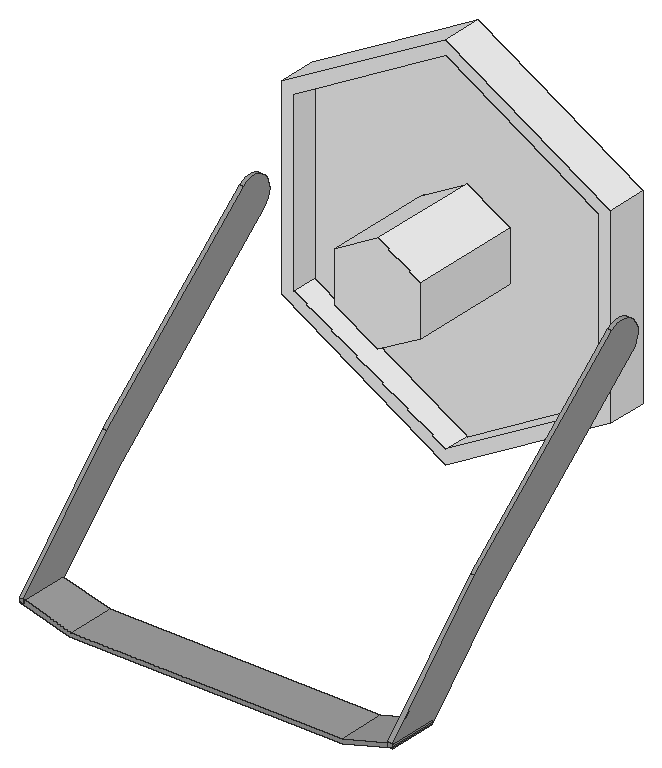
Revit family "Lighting-Floodlights-GEWISS-ESALITE-FL-LED_16K_DALI", category Apparecchi per illuminazione, host Superficie, Revit 2019
Family settings
  Host = Superficie
  Quota connettore circolare = Usa diametro
  Tipo di parte = Normale
  Taglio con vuoti quando caricato = No
  Sorgente d'illuminazione = Sì
  Condiviso = No
  Punto di calcolo locali = Sì
Parameters (values of type "GWS6434GD57K - ESALITE 16K 90° 5700K PRO+V.GR.DALI")
  Weight (kg): = "9,5"
  Wattage = 9.2903 W
  Warranty = "5 years"
  Voltage = "220/240 V - 50/60 Hz"
  Versions = "5700K cold light"
  Version file RFA = "20.11"
  Variazione temperatura colore lampada con luminosità attenuata = (empty or 0)
  VISIBILITA' SIMBOLO [instance] = yes
  VISIBILITA' LAMPADA PIANTA [instance] = not(VISIBILITA' SIMBOLO)  # no
  VISIBILITA' ETICHETTA [instance] = yes
  V = 0 V
  URL = "https://www.gewiss.com/ww/en"
  built-in parameter 1150107 = 3200 (stored number, unit not read)
  Technical sheet = "https://www.gewiss.com/ww/en/search?q=GWS6434GD57K"
  System power = "125W"
  Spostamento_y_effettivo_ET [instance] = 4000 mm - Spostamento_y_ET  # 2119.2 mm
  Spostamento_y_ET [instance] = 1880.8 mm
  Spostamento_X_effettivo_ET [instance] = 4000 mm - Spostamento_X_ET  # 3850.612 mm
  Spostamento_X_ET [instance] = 149.388 mm
  Shock resistance = "IK08"
  Shield type = "Tempered glass"
  STAFFA = Default
  SEO = "Floodlight"
  Realized by GEWISS S.p.A. = ""
  Default Elevation = 1219.2 mm
  Produttore = "GEWISS S.p.A."
  Potenza di sitema = "Wxxx"
  built-in parameter 1150110 = 1 (stored number, unit not read)
  built-in parameter 1150109 = 1 (stored number, unit not read)
  built-in parameter 1114218 = 1 (stored number, unit not read)
  built-in parameter 1150112 = 1 (stored number, unit not read)
  Overvoltage resistance : = "Common mode: 8KV; Differential mode: 6KV"
  Optic = "90°"
  Operating temperature: = "-30 +50 °C"
  Numero poli = 1
  Nominal flux (lm) = "17000"
  built-in parameter 1150142 = "IESNA:LM-63-2002\r\n[TEST] GWS6434GD57K\r\n[TESTLAB] GEWISS\r\n[TESTDATE] 31 Aug 2018\r\n[ISSUEDATE] 31 Aug 2018\r\n[MANUFAC] GEWISS\r\n[LUMCAT] GWS6434GD57K\r\n[LUMINAIRE] ESALITE FL 16K+GLAS 90° GR. DALI LED857\r\n[FLASHAREA] 0.030706\r\n[LAMPCAT] LED 125W/5700K - 14400lm\r\n[LAMP] LED 125W/5700K - 14400lm\r\nTILT=NONE\r\n1 14400.00 1.0 28 19 1 2 -0.402 -0.402 0.000\r\n1.00 1.00 125.00\r\n0.00 2.50 5.00 7.50 10.00 12.50 15.00 17.50 20.00 22.50 \r\n25.00 27.50 30.00 32.50 35.00 37.50 40.00 42.50 45.00 \r\n50.00 55.00 60.00 65.00 70.00 75.00 80.00 85.00 90.00 \r\n0.00 5.00 10.00 15.00 20.00 25.00 30.00 35.00 40.00 45.00 \r\n50.00 55.00 60.00 65.00 70.00 75.00 80.00 85.00 90.00 \r\n8316.86 8296.27 8298.14 8351.71 8458.27 8567.28 8558.06 \r\n8467.78 8355.46 8250.34 8129.09 7984.08 7794.72 7529.90 \r\n7174.80 6646.46 5351.47 2855.95 1245.86 705.72 750.51 \r\n616.25 528.36 414.88 280.40 141.02 45.34 0.86 \r\n8316.86 8299.44 8302.90 8362.94 8476.13 8579.95 8580.10 \r\n8488.08 8375.04 8267.76 8145.65 7992.72 7800.91 7530.34 \r\n7168.61 6633.22 5330.02 2837.66 1236.20 692.65 779.14 \r\n612.27 525.23 412.01 276.38 145.01 44.50 0.85 \r\n8316.86 8295.55 8296.42 8354.45 8472.82 8577.65 8576.93 \r\n8484.34 8374.90 8268.48 8150.26 8001.07 7805.66 7542.00 \r\n7182.86 6646.61 5352.19 2852.64 1237.75 689.88 686.43 \r\n608.13 523.37 409.29 269.37 140.29 42.48 0.84 \r\n8316.86 8294.69 8299.87 8354.88 8477.42 8579.95 8576.93 \r\n8483.33 8369.71 8263.44 8143.92 8000.50 7803.65 7541.42 \r\n7182.00 6644.88 5347.87 2855.23 1240.13 696.82 702.22 \r\n616.00 527.17 407.28 261.55 135.74 43.65 0.83 \r\n8316.86 8295.55 8299.73 8355.46 8486.35 8588.16 8585.57 \r\n8489.95 8370.72 8266.90 8149.97 8001.36 7807.25 7542.43 \r\n7183.44 6645.02 5345.57 2853.22 1234.31 717.11 1150.57 \r\n614.40 525.11 394.19 252.22 125.43 37.74 0.81 \r\n8316.86 8291.09 8292.38 8349.12 8484.19 8584.56 8578.94 \r\n8479.44 8367.41 8265.74 8148.53 8000.78 7806.24 7542.72 \r\n7189.34 6653.09 5358.67 2861.14 1239.12 736.86 1116.23 \r\n622.12 528.88 383.83 248.34 112.94 34.01 0.80 \r\n8316.86 8290.94 8289.94 8354.59 8494.85 8596.37 8584.13 \r\n8484.62 8369.28 8264.45 8150.11 7999.49 7803.22 7538.11 \r\n7186.03 6648.77 5345.42 2847.89 1230.83 743.62 858.59 \r\n621.52 526.29 376.66 245.20 102.31 33.50 0.77 \r\n8316.86 8286.77 8282.45 8353.01 8500.61 8601.26 8591.62 \r\n8481.74 8369.14 8270.35 8154.43 8002.08 7802.21 7541.57 \r\n7192.51 6658.85 5355.94 2856.53 1234.67 745.69 1006.93 \r\n622.80 529.57 384.29 249.02 113.92 33.80 0.75 \r\n8316.86 8285.90 8280.72 8354.59 8514.86 8616.10 8597.09 \r\n8486.93 8375.47 8277.84 8158.90 8008.13 7812.43 7554.53 \r\n7202.88 6670.22 5365.87 2859.26 1230.34 726.57 1056.87 \r\n615.30 527.17 395.74 254.13 127.17 38.12 0.72 \r\n8316.86 8278.70 8273.81 8352.00 8516.30 8622.14 8596.94 \r\n8477.71 8363.52 8261.14 8143.92 7993.58 7794.00 7538.40 \r\n7189.92 6656.54 5357.23 2855.81 1224.82 692.81 687.93 \r\n612.23 524.36 405.91 260.27 134.53 43.50 0.69 \r\n8316.86 8280.43 8271.65 8357.90 8530.13 8644.46 8610.91 \r\n8486.06 8378.50 8279.71 8163.07 8013.74 7818.34 7568.06 \r\n7218.86 6679.58 5373.36 2859.55 1227.79 695.25 686.71 \r\n612.65 526.55 412.59 271.51 141.07 43.21 0.68 \r\n8316.86 8276.26 8268.91 8362.37 8539.49 8652.67 8612.64 \r\n8483.04 8369.71 8269.63 8158.46 8009.57 7805.95 7554.82 \r\n7205.90 6671.81 5370.48 2861.71 1228.06 696.01 756.39 \r\n615.34 526.68 414.30 278.02 144.82 45.18 0.67 \r\n8316.86 8273.38 8271.65 8373.89 8556.91 8665.63 8617.82 \r\n8482.18 8370.72 8277.12 8164.22 8011.73 7808.98 7553.81 \r\n7200.72 6663.31 5353.49 2844.43 1220.21 699.39 751.56 \r\n614.15 525.89 414.13 280.90 140.23 45.49 0.66 \r\n8316.86 8267.47 8266.90 8373.46 8560.37 8667.94 8614.51 \r\n8474.26 8366.40 8273.38 8161.06 8008.13 7810.85 7558.27 \r\n7206.48 6671.52 5362.27 2851.20 1219.08 692.70 782.01 \r\n613.14 525.07 412.92 277.57 145.66 44.72 0.65 \r\n8316.86 8263.15 8267.33 8384.83 8570.45 8680.61 8615.38 \r\n8474.69 8368.56 8274.24 8162.93 8012.45 7811.86 7553.81 \r\n7201.44 6667.63 5362.27 2854.37 1217.32 688.90 681.90 \r\n608.62 522.81 409.78 270.22 140.40 42.78 0.66 \r\n8316.86 8265.89 8265.74 8388.14 8575.20 8689.25 8617.82 \r\n8479.73 8377.63 8285.18 8176.61 8025.12 7826.40 7569.36 \r\n7218.58 6680.16 5370.77 2865.74 1221.36 692.12 712.63 \r\n611.96 523.67 405.33 260.77 135.46 43.63 0.67 \r\n8316.86 8261.71 8264.88 8390.16 8581.39 8687.81 8613.36 \r\n8469.22 8364.82 8273.52 8166.10 8010.86 7813.73 7556.83 \r\n7205.90 6668.06 5354.64 2859.12 1221.11 715.72 1333.70 \r\n613.08 525.11 394.06 253.11 126.36 38.45 0.68 \r\n8316.86 8261.57 8262.14 8394.34 8585.71 8695.73 8618.26 \r\n8470.51 8368.56 8281.44 8168.40 8014.03 7815.31 7556.83 \r\n7211.23 6669.07 5360.26 2860.70 1223.77 729.81 1224.84 \r\n621.24 526.92 381.87 248.03 112.85 34.05 0.69 \r\n8316.86 8267.33 8267.33 8396.50 8590.18 8696.88 8611.34 \r\n8468.64 8364.96 8274.82 8157.74 8001.50 7800.34 7538.98 \r\n7199.57 6663.46 5362.99 2872.94 1233.00 745.49 850.12 \r\n625.65 530.88 378.60 247.94 103.02 34.38 0.69 \r\n"
  Modello = "GWS6434GD57K"
  built-in parameter 1150137 = (empty or 0)
  built-in parameter 1150132 = (empty or 0)
  Lumen output (lm) = "14400"
  Life time L90B10 (Tq 50Â°C) = "50000H"
  Life time L90B10 (Tq 25Â°C) = "100000H"
  Lamp = "LED - Not replaceable"
  LED current. = "0,599999999999999A"
  built-in parameter 1150105 = 109.82 (stored number, unit not read)
  built-in parameter 1150102 = (empty or 0)
  Insulation class = "I"
  Immagine tipo = ESALITE_FL.jpg
  built-in parameter 1150106 = 1.0982 (stored number, unit not read)
  IP degree = "IP66"
  IFC.TypeObject = ""
  IFC.ExportType = ""
  IFC.ExportAs = ""
  IDT = "2e22ab3621524e29b2144a911f573489"
  IDF = "2124c0c9-587c-4e77-8199-4e82afa2e3b7"
  Lumens = 1380 lm
  Color Filter = 16777215
  File diagramma fotometrico = "GWS6434GD57K.IES"
  built-in parameter 1114217 = 1 (stored number, unit not read)
  built-in parameter 1150139 = (empty or 0)
  Emetti da lunghezza linea = 20 mm
  Electrocod = "2444"
  Efficiency class of integrated LEDs = "A ÷ A++"
  built-in parameter 1150104 = 13.8 (stored number, unit not read)
  Driver type = "Driver Led Dali"
  built-in parameter 1150115 = 1 (stored number, unit not read)
  built-in parameter 1150114 = 1 (stored number, unit not read)
  built-in parameter 1150113 = 1 (stored number, unit not read)
  Descrizione = "ESALITE 16K 90° 5700K PRO+V.GR.DALI"
  Colour temperature: = "5700 K (CRI>80)"
  Colour = "Grey RAL 9006"
  built-in parameter 1150134 = 3
  built-in parameter 1150138 = (empty or 0)
  Catalogue Range = "ESALITE FL - 16K"
  Catalogue = "LIGHTING"
  COBie.Tagnumber = ""
  COBie.CreatedOn = ""
  COBie.CreatebBy = ""
  COBie.ComponentRegisterItemID = ""
  COBie.Component.TagNumber = ""
  COBie.Component.Space = ""
  COBie.Component.SerialNumber = ""
  COBie.Component.InstallationDate = ""
  COBie.Component.Description = ""
  COBie.Component.BarCode = ""
  Application = "Indoor / Outdoor"
  Tilt Angle = -90.00°
  built-in parameter 1150133 = 10 (stored number, unit not read)
Reference planes
  plane 1 "Centro (Fronte/Retro)": y = 0
  plane 2: z = 0
  plane 3 "Centro (Sinistra/Destra)": x = 0
  plane 4: z = 123
  plane 5: x = 0
  plane 6: x = -3850.612
  plane 7: y = -2119.2
  plane 8: y = 0
  plane 9: through (-1779.2, -702.001, 1219.2) normal (0.4695, 0.8829, 0)
  plane 10: through (203.705, -1575.119, 1219.2) normal (-0.866, 0.5, 0)
  plane 11: x = -235.613
  plane 12: x = 230.804
  plane 13: y = 188.046
  plane 14: y = -188.046
  plane 15: x = 235.613
  plane 16: x = -287.654
  plane 17: z = 285.229
Forms (mm)
  Extrusion 1, solid, material "Default" <- "STAFFA"
    sketch origin (80, 0, 0) x (0, 1, 0) y (0, 0, -1)
      loop
        arc (165.701, -304.396) -> (196.85, -301.627) -> (194.11, -270.474) r 22.123
        line (194.11, -270.474) -> (-9.063, -99.991) -> (-92.184, -15.381) -> (-147.703, -15.381) -> (-147.703, -20.3) -> (-29.601, -140.518) -> (165.701, -304.396)
    from 287.654 to 292.463
  Extrusion 2, solid, material "Default" <- "STAFFA"
    sketch origin (0, 0, 0) x (1, 0, 0) y (0, 0, 1)
      loop
        line (-210.907, 15.044) -> (-155.301, 0) -> (155.629, 0) -> (211.236, 15.044)
        arc (211.236, 15.044) -> (212.133, 15.646) -> (212.479, 16.669) r 1.683
        line (212.479, 16.669) -> (212.479, 19.259) -> (207.67, 19.259) -> (154.261, 4.809) -> (-153.932, 4.809) -> (-207.341, 19.259) -> (-212.151, 19.259) -> (-212.151, 16.669)
        arc (-212.151, 16.669) -> (-211.804, 15.646) -> (-210.907, 15.044) r 1.683
    from 92.231 to 147.703
  Revolve 3, solid, material "Default" <- "STAFFA", visible <- "VISIBILITA' LAMPADA PIANTA"
    sketch origin (80, 179.315, 13.188) x (1, 0, 0) y (0, 0, 1)
      loop
        line (-304.219, 272.041) -> (-304.219, 262.041) -> (-299.896, 254.554) -> (-266.552, 254.554) -> (-266.552, 272.041) -> (-304.219, 272.041)
      axis (-304.219, 272.041) -> (-266.552, 272.041)
    angle from 0 to 360
  Revolve 4, solid, material "Default" <- "STAFFA", visible <- "VISIBILITA' LAMPADA PIANTA"
    sketch origin (-78.734, 179.315, 13.188) x (-1, 0, 0) y (0, 0, -1)
      loop
        line (-304.219, -272.041) -> (-266.552, -272.041) -> (-266.552, -254.554) -> (-299.896, -254.554) -> (-304.219, -262.041) -> (-304.219, -272.041)
      axis (-304.219, -272.041) -> (-266.552, -272.041)
    angle from 0 to 360
  Extrusion 5, solid, material "Default" <- "STAFFA"
    sketch origin (-80, 0, 0) x (0, 1, 0) y (0, 0, 1)
      loop
        line (165.701, 304.396) -> (-29.601, 140.518) -> (-147.703, 20.3) -> (-147.703, 15.381) -> (-92.184, 15.381) -> (-9.063, 99.991) -> (194.11, 270.474)
        arc (194.11, 270.474) -> (196.85, 301.627) -> (165.701, 304.396) r 22.123
    from 287.654 to 292.463
Text (mm)
  text "B-A=C" at (-2005.323, -1167.131, 0), in view "Livello rif."
  text "D+A-C=B" at (1746.792, 582.509, 0), in view "Livello rif."
Dimensions and locks
  "Spostamento_X_effettivo_ET": plane 6 to plane 5
  plane 6 to plane 3 "Centro (Sinistra/Destra)" = 3850.612 mm
  "Spostamento_y_effettivo_ET": plane 8 to plane 7
  plane 1 "Centro (Fronte/Retro)" to plane 7 = 2119.2 mm
  plane 11 to plane 12 = 466.417 mm
  plane 13 to plane 14 = 376.092 mm
  plane 12 to plane 15 = 4.809 mm
  plane 12 to plane 5 to plane 11 = 230.804 mm, 235.613 mm
  equal spacing: plane 11, plane 3 "Centro (Sinistra/Destra)", plane 15
  angle plane 9 to plane 7 = 28.00°
  angle plane 7 to plane 6 = 90.00°
  aligned and locked: plane 2 to host face
  aligned and locked: level to host face
  aligned and locked: plane 3 "Centro (Sinistra/Destra)" to imposter light
  aligned and locked: plane 5 to nested 1
  aligned and locked: nested 1 to plane 8
  aligned and locked: plane 5 to nested 3
  aligned and locked: nested 3 to host face
  aligned and locked: imposter light to nested 5
  aligned and locked: nested 2 to nested 6
  aligned and locked: plane 17 to nested 6
  aligned and locked: nested 7 to plane 2
  aligned and locked: nested 7 to nested 2
  aligned and locked: plane 3 "Centro (Sinistra/Destra)" to nested 8
  aligned and locked: nested 4 to nested 8
  aligned and locked: nested 8 to nested 2
Automatic sketch dimensions
  host sketch curve to host sketch curve = 2438.4 mm  (x2)
  level to Extrusion 1 sketch curve = 15.381 mm
  plane 14 to Extrusion 1 sketch curve = 40.343 mm
  Extrusion 1 sketch curve to Extrusion 1 sketch curve = 55.519 mm
  plane 1 "Centro (Fronte/Retro)" to Extrusion 1 sketch curve = 29.601 mm
  plane 1 "Centro (Fronte/Retro)" to Extrusion 1 sketch curve = 9.063 mm
  Extrusion 1 sketch curve to plane 13 = 22.346 mm
  Extrusion 1 sketch curve to plane 17 = 2.193 mm
  Extrusion 1 sketch curve to plane 13 = 8.156 mm
  Extrusion 1 sketch curve to plane 17 = 19.167 mm
  Extrusion 1 sketch curve to plane 4 = 17.518 mm
  plane 4 to Extrusion 1 sketch curve = 23.009 mm
  Extrusion 1 sketch curve to Extrusion 1 sketch curve = 4.919 mm
  plane 13 to Extrusion 1 sketch curve = 6.064 mm
  Extrusion 1 sketch curve to Extrusion 1 sketch curve = 0 mm  (x2)
  plane 16 to Extrusion 2 sketch curve = 80.312 mm
  Extrusion 2 sketch curve to level = 0 mm
  plane 11 to Extrusion 2 sketch curve = 80.312 mm
  plane 16 to Extrusion 2 sketch curve = 77.186 mm
  Extrusion 2 sketch curve to Extrusion 2 sketch curve = 0.44 mm
  Extrusion 2 sketch curve to Extrusion 2 sketch curve = 1.683 mm
  plane 11 to Extrusion 2 sketch curve = 81.681 mm
  level to Extrusion 2 sketch curve = 4.809 mm
  Extrusion 2 sketch curve to plane 12 = 76.543 mm
  Extrusion 2 sketch curve to Extrusion 2 sketch curve = 1.369 mm
  Extrusion 2 sketch curve to plane 12 = 23.134 mm
  plane 15 to Extrusion 2 sketch curve = 24.817 mm
  plane 15 to Extrusion 2 sketch curve = 24.377 mm
  plane 15 to Extrusion 2 sketch curve = 23.134 mm
  level to Extrusion 2 sketch curve = 15.044 mm  (x2)
  Extrusion 2 sketch curve to Extrusion 2 sketch curve = 2.59 mm  (x2)
  Revolve 3 sketch curve to plane 17 = 0 mm  (x2)
  plane 11 to Revolve 3 sketch curve = 11.394 mm
  Revolve 3 sketch curve to Revolve 3 sketch curve = 4.323 mm
  Revolve 3 sketch curve to Revolve 3 sketch curve = 33.345 mm
  plane 17 to Revolve 3 sketch curve = 10 mm
  plane 17 to Revolve 3 sketch curve = 17.487 mm
  Revolve 3 sketch curve to Revolve 3 sketch curve = 0 mm  (x2)
  Revolve 4 sketch curve to plane 17 = 0 mm  (x2)
  Revolve 4 sketch curve to plane 12 = 5.319 mm
  Revolve 4 sketch curve to Revolve 4 sketch curve = 4.323 mm
  Revolve 4 sketch curve to Revolve 4 sketch curve = 33.345 mm
  plane 17 to Revolve 4 sketch curve = 10 mm
  Revolve 4 sketch curve to Revolve 4 sketch curve = 7.487 mm
  Revolve 4 sketch curve to Revolve 4 sketch curve = 0 mm  (x2)
  level to Extrusion 5 sketch curve = 15.381 mm
  plane 14 to Extrusion 5 sketch curve = 40.343 mm
  Extrusion 5 sketch curve to Extrusion 5 sketch curve = 55.519 mm
  plane 1 "Centro (Fronte/Retro)" to Extrusion 5 sketch curve = 29.601 mm
  plane 1 "Centro (Fronte/Retro)" to Extrusion 5 sketch curve = 9.063 mm
  Extrusion 5 sketch curve to plane 13 = 22.346 mm
  Extrusion 5 sketch curve to plane 17 = 2.193 mm
  Extrusion 5 sketch curve to plane 13 = 8.156 mm
  Extrusion 5 sketch curve to Extrusion 5 sketch curve = 4.919 mm
  plane 4 to Extrusion 5 sketch curve = 23.009 mm
  Extrusion 5 sketch curve to plane 4 = 17.518 mm
  Extrusion 5 sketch curve to plane 17 = 19.167 mm
  plane 13 to Extrusion 5 sketch curve = 6.064 mm
  Extrusion 5 sketch curve to Extrusion 5 sketch curve = 0 mm  (x2)
Nested families
  nested 1: "etichetta Potenza Lampada" at (0, 0, 0), visible <- "VISIBILITA' ETICHETTA", type "etichetta Potenza Lampada"
  nested 2: "ESALITE FL 16K PROIETTORE_BASE" at (0, 42.5, 297.451) x (0, 0, 1) z (0, 1, 0), type "ESALITE FL 16K PROIETTORE_BASE"
  nested 3: "front" at (0, 0, 0) x (1, 0, 0) z (0, -1, 0), visible <- "VISIBILITA' LAMPADA PIANTA", type "front"
  nested 4: "SIMB_2D" at (0, 32.205, 0), visible <- "VISIBILITA' SIMBOLO", type "SIMB_2D"
  nested 5: "SIMB_2D" at (0, 0, 250) x (1, 0, 0) z (0, -1, 0), visible <- "VISIBILITA' SIMBOLO", type "SIMB_2D"
  nested 6: "SIMB_2D" at (0, 127.961, 285.229) x (0, 1, 0) z (1, 0, 0), visible <- "VISIBILITA' SIMBOLO", type "SIMB_2D"
  nested 7: "Laterale - FL" at (0, 194.69, 0) x (0, 1, 0) z (1, 0, 0), visible <- "VISIBILITA' LAMPADA PIANTA", type "Laterale - FL"
  nested 8: "Dal basso - FL" at (0, 49.895, 0), visible <- "VISIBILITA' LAMPADA PIANTA", type "Dal basso - FL"
Connectors
  electrical at (-0.185, 97.5, 297.509), driven by "Numero poli", driven by "V"
    settings: on nested 2, index 1, voltage 0 V, apparent load 0 VA, apparent load phase1 0 VA, apparent load phase2 0 VA, apparent load phase3 0 VA, power factor 1, load classification "Illuminazione", number of poles 1, system type 31, power factor state 1, is connector primary yes, connector utility no, sub classification motor no, connector description ""
Definition of nested family "ESALITE FL 16K PROIETTORE_BASE"
  Parameters (values of type "ESALITE FL 16K PROIETTORE_BASE")
    Schermatura interna = none
    Default Elevation = 1219.2 mm
    LED = none
    Corpo luce = none
  Reference planes
    plane 1 "Centro (Fronte/Retro)": y = 0
    plane 2: z = 0
    plane 3 "Centro (Sinistra/Destra)": x = 0
    plane 4: x = -145.163
    plane 5: x = 145.28
    plane 6: y = 126.226
    plane 7: y = -125.856
    plane 8: y = 55.469
    plane 9: y = -55.099
    plane 10: x = -63.671
    plane 11: x = 63.788
    plane 12: y = -123.856
    plane 13: y = 124.226
    plane 14: y = -112.535
    plane 15: y = 112.905
    plane 16: y = -22
    plane 17: y = 22
    plane 18: y = -108.017
    plane 19: y = 108.387
    plane 20: through (-28.293, 49.29, 1200) normal (0.866, -0.5, 0)
    plane 21: y = 49.29
    plane 22: through (28.409, 49.29, 1200) normal (0.866, 0.5, 0)
    plane 23: through (28.409, -48.92, 1200) normal (-0.866, 0.5, 0)
    plane 24: y = -48.92
    plane 25: through (-56.644, 0.185, 1200) normal (0.866, 0.5, 0)
    plane 26: through (-31.86, 55.469, 1200) normal (0.866, -0.5, 0)
    plane 27: through (-63.778, 0.185, 1200) normal (0.866, 0.5, 0)
    plane 28: y = -55.099
    plane 29: through (63.894, 0.185, 1200) normal (0.866, -0.5, 0)
    plane 30: through (63.894, 0.185, 1200) normal (-0.866, -0.5, 0)
    plane 31: y = 55.469
    plane 32: z = 123.439
    plane 33: through (-65.51, 1.185, 1200) normal (-0.866, 0.5, 0)
    plane 34: through (-33.592, -56.099, 1200) normal (-0.866, -0.5, 0)
    plane 35: through (-65.51, 1.185, 1200) normal (-0.866, 0.5, 0)
    plane 36: y = 57.469
    plane 37: through (33.708, 56.469, 1200) normal (0.866, 0.5, 0)
    plane 38: through (65.626, -0.815, 1200) normal (0.866, -0.5, 0)
    plane 39: y = -57.099
    plane 40: y = -1
    plane 41: y = 1
    plane 42: x = -1
    plane 43: x = 0
    plane 44: y = 105.387
    plane 45: y = -105.017
    plane 46: z = 130
    plane 47: y = -103.017
    plane 48: y = 103.387
    plane 49: x = 1
    plane 50: through (-108.857, 187.546, 1200) normal (0.866, -0.5, 0)
    plane 51: y = 188.046
    plane 52: y = 174.478
    plane 53: through (-101.456, 173.228, 1200) normal (0.866, -0.5, 0)
    plane 54: through (-216.848, -0.5, 1200) normal (0.866, 0.5, 0)
    plane 55: through (-200.748, -1.25, 1200) normal (0.866, 0.5, 0)
    plane 56: y = -188.046
    plane 57: y = -174.478
    plane 58: y = 188.046
    plane 59: y = 174.478
    plane 60: through (200.748, 1.25, 1200) normal (-0.866, -0.5, 0)
    plane 61: through (216.848, 0.5, 1200) normal (-0.866, -0.5, 0)
    plane 62: through (108.857, -187.546, 1200) normal (-0.866, 0.5, 0)
    plane 63: through (101.456, -173.228, 1200) normal (-0.866, 0.5, 0)
    plane 64: z = 89
    plane 65: z = 134
    plane 66: z = 108.133
    plane 67: z = 123.439
    plane 68: z = 117.439
    plane 69: z = 128.439
    plane 70: z = 27.205
    plane 71: z = 152.205
    plane 72: z = 197.205
    plane 73: z = 199.205
    plane 74: z = 192.205
    plane 75: z = 182.205
    plane 76: z = 187.205
    plane 77: z = 184.113
  Forms (mm)
    Extrusion 1, solid, material <- "Corpo luce"
      sketch origin (0, 0, 0) x (1, 0, 0) y (0, 1, 0)
        loop
          line (-28.293, 49.29) -> (-56.644, 0.185) -> (-28.293, -48.92) -> (28.409, -48.92) -> (56.76, 0.185) -> (28.409, 49.29) -> (-28.293, 49.29)
      from 199.205 to 55
    Extrusion 2, solid, material <- "Corpo luce"
      sketch origin (0, 0, 0) x (1, 0, 0) y (0, 1, 0)
        loop
          line (108.568, -188.046) -> (217.137, 0) -> (108.568, 188.046) -> (-108.568, 188.046) -> (-217.137, 0) -> (-108.568, -188.046) -> (108.568, -188.046)
        loop
          line (100.735, -174.478) -> (201.47, 0) -> (100.735, 174.478) -> (-100.735, 174.478) -> (-201.47, 0) -> (-100.735, -174.478) -> (100.735, -174.478)
      from 152.205 to 197.205
    Extrusion 3, solid, material <- "Corpo luce"
      sketch origin (0, 0, 0) x (1, 0, 0) y (0, 1, 0)
        loop
          line (-201.47, 0) -> (-100.735, -174.478) -> (100.735, -174.478) -> (201.47, 0) -> (100.735, 174.478) -> (-100.735, 174.478) -> (-201.47, 0)
        loop
          line (-28.293, 49.29) -> (-56.644, 0.185) -> (-28.293, -48.92) -> (28.409, -48.92) -> (56.76, 0.185) -> (28.409, 49.29) -> (-28.293, 49.29)
      from 182.205 to 192.205
    Extrusion 4, void
      sketch origin (0, 0, 0) x (1, 0, 0) y (0, 1, 0)
        loop
          line (-100.597, 148.72) -> (-179.094, 12.76)
          arc (-179.094, 12.76) -> (-179.103, 5.255) -> (-172.606, 1.5) r 7.499
          line (-172.606, 1.5) -> (-96.117, 1.5)
          arc (-96.117, 1.5) -> (-93.617, 2.17) -> (-91.787, 4) r 4.999
          line (-91.787, 4) -> (-49.357, 77.49)
          arc (-49.357, 77.49) -> (-48.687, 79.99) -> (-49.357, 82.49) r 4.999
          line (-49.357, 82.49) -> (-87.608, 148.742)
          arc (-87.608, 148.742) -> (-94.109, 152.481) -> (-100.597, 148.72) r 7.499
        loop
          line (78.51, 161.48) -> (-78.51, 161.48)
          arc (-78.51, 161.48) -> (-85.001, 157.736) -> (-85.01, 150.242) r 7.499
          line (-85.01, 150.242) -> (-46.759, 83.99)
          arc (-46.759, 83.99) -> (-44.93, 82.16) -> (-42.43, 81.49) r 4.999
          line (-42.43, 81.49) -> (42.43, 81.49)
          arc (42.43, 81.49) -> (44.93, 82.16) -> (46.759, 83.99) r 4.999
          line (46.759, 83.99) -> (84.998, 150.22)
          arc (84.998, 150.22) -> (85.007, 157.725) -> (78.51, 161.48) r 7.499
        loop
          arc (49.357, 82.49) -> (48.687, 79.99) -> (49.357, 77.49) r 4.999
          line (49.357, 77.49) -> (91.787, 4)
          arc (91.787, 4) -> (93.617, 2.17) -> (96.117, 1.5) r 4.999
          line (96.117, 1.5) -> (172.606, 1.5)
          arc (172.606, 1.5) -> (179.103, 5.255) -> (179.094, 12.76) r 7.499
          line (179.094, 12.76) -> (100.597, 148.72)
          arc (100.597, 148.72) -> (94.109, 152.481) -> (87.608, 148.742) r 7.499
          line (87.608, 148.742) -> (49.357, 82.49)
        loop
          line (49.357, -82.489) -> (87.608, -148.742)
          arc (87.608, -148.742) -> (94.109, -152.48) -> (100.597, -148.72) r 7.499
          line (100.597, -148.72) -> (179.094, -12.759)
          arc (179.094, -12.759) -> (179.103, -5.255) -> (172.606, -1.5) r 7.499
          line (172.606, -1.5) -> (96.117, -1.5)
          arc (96.117, -1.5) -> (93.617, -2.169) -> (91.787, -3.999) r 4.999
          line (91.787, -3.999) -> (49.357, -77.49)
          arc (49.357, -77.49) -> (48.687, -79.99) -> (49.357, -82.489) r 4.999
        loop
          arc (-42.43, -81.489) -> (-44.93, -82.159) -> (-46.759, -83.989) r 4.999
          line (-46.759, -83.989) -> (-85.01, -150.242)
          arc (-85.01, -150.242) -> (-85.001, -157.735) -> (-78.51, -161.479) r 7.499
          line (-78.51, -161.479) -> (78.51, -161.479)
          arc (78.51, -161.479) -> (85.007, -157.724) -> (84.998, -150.22) r 7.499
          line (84.998, -150.22) -> (46.759, -83.989)
          arc (46.759, -83.989) -> (44.93, -82.159) -> (42.43, -81.489) r 4.999
          line (42.43, -81.489) -> (-42.43, -81.489)
        loop
          arc (-91.787, -3.999) -> (-93.617, -2.169) -> (-96.117, -1.5) r 4.999
          line (-96.117, -1.5) -> (-172.606, -1.5)
          arc (-172.606, -1.5) -> (-179.097, -5.244) -> (-179.107, -12.737) r 7.499
          line (-179.107, -12.737) -> (-100.584, -148.742)
          arc (-100.584, -148.742) -> (-94.096, -152.48) -> (-87.608, -148.742) r 7.499
          line (-87.608, -148.742) -> (-49.357, -82.489)
          arc (-49.357, -82.489) -> (-48.687, -79.99) -> (-49.357, -77.49) r 4.999
          line (-49.357, -77.49) -> (-91.787, -3.999)
      from 187.205 to 192.205
  Cuts and joins
    Extrusion 4 cuts Extrusion 3
  Lines and regions (mm)
    symbolic lines
      curve 1: line (0, 188.046, 0) -> (0, 193.046, 0)
  Dimensions and locks
    locked: plane 6 to plane 13 at 2
    locked: plane 7 to plane 12 at 2
    locked: plane 15 to plane 13 at 11.321
    locked: plane 12 to plane 14 at 11.321
    plane 4 to plane 5 = 290.443 mm
    plane 7 to plane 6 = 252.082 mm
    Extrusion 1 to plane 70 = 172 mm
    plane 72 to plane 71 = 45 mm
    locked: plane 72 to plane 74 at 5
    locked: plane 74 to plane 75 at 10
    locked: plane 74 to plane 76 at 5
    locked: plane 76 to plane 77 at 3.092
    aligned and locked: level to plane 2
    aligned and locked: Extrusion 1 to plane 73
    aligned and locked: Extrusion 2 to plane 72
    aligned and locked: plane 71 to Extrusion 2
    aligned and locked: Extrusion 3 to plane 74
    aligned and locked: Extrusion 3 to plane 75
    aligned and locked: Extrusion 3 to Extrusion 4
    aligned and locked: plane 76 to Extrusion 4
Definition of nested family "etichetta Potenza Lampada"
  Parameters (values of type "etichetta Potenza Lampada")
    potenza lampada = "Wxxx"
  Reference planes
    plane 1: y = 0
    plane 2: x = 0
  Text (mm)
    label "QE" at (0.073, -0.194, 0), shows "potenza lampada"
Definition of nested family "front"
  Reference planes
    plane 1 "Centro (Fronte/Retro)": y = 0
    plane 2: z = 0
    plane 3 "Centro (Sinistra/Destra)": x = 0
  Lines and regions (mm)
    detail lines, in view "Livello rif."
      curve 1: line (-1.455, 533.77, 0) -> (-188.321, 425.882, 0)
      curve 2: arc (-188.321, 425.882, 0) -> (-188.681, 425.517, 0) -> (-188.812, 425.022, 0) r 0.999
      curve 3: line (-188.812, 425.022, 0) -> (-188.812, 209.258, 0)
      curve 4: arc (-188.812, 209.258, 0) -> (-188.681, 208.763, 0) -> (-188.321, 208.398, 0) r 0.999
      curve 5: line (-188.321, 208.398, 0) -> (-1.455, 100.51, 0)
      curve 6: arc (-1.455, 100.51, 0) -> (-0.955, 100.377, 0) -> (-0.456, 100.51, 0) r 0.999
      curve 7: line (-0.456, 100.51, 0) -> (186.41, 208.398, 0)
      curve 8: arc (186.41, 208.398, 0) -> (186.77, 208.763, 0) -> (186.901, 209.258, 0) r 0.999
      curve 9: line (186.901, 209.258, 0) -> (186.901, 425.022, 0)
      curve 10: arc (186.901, 425.022, 0) -> (186.765, 425.526, 0) -> (186.393, 425.892, 0) r 0.999
      curve 11: line (186.393, 425.892, 0) -> (-0.456, 533.77, 0)
      curve 12: arc (-0.456, 533.769, 0) -> (-0.955, 533.903, 0) -> (-1.455, 533.77, 0) r 0.999
      curve 13: line (-174.009, 215.786, 0) -> (-2.213, 116.599, 0)
      curve 14: arc (-2.213, 116.599, 0) -> (-0.956, 116.259, 0) -> (0.302, 116.599, 0) r 2.497
      curve 15: line (0.302, 116.599, 0) -> (172.098, 215.786, 0)
      curve 16: arc (172.098, 215.786, 0) -> (173.012, 216.7, 0) -> (173.347, 217.948, 0) r 2.497
      curve 17: line (173.347, 217.948, 0) -> (173.347, 416.332, 0)
      curve 18: arc (173.347, 416.332, 0) -> (173.012, 417.58, 0) -> (172.098, 418.494, 0) r 2.497
      curve 19: line (172.098, 418.494, 0) -> (0.302, 517.681, 0)
      curve 20: arc (0.302, 517.681, 0) -> (-0.956, 518.02, 0) -> (-2.213, 517.681, 0) r 2.497
      curve 21: line (-2.213, 517.681, 0) -> (-174.009, 418.494, 0)
      curve 22: arc (-174.009, 418.494, 0) -> (-174.923, 417.58, 0) -> (-175.258, 416.332, 0) r 2.497
      curve 23: line (-175.258, 416.332, 0) -> (-175.258, 217.948, 0)
      curve 24: arc (-175.258, 217.948, 0) -> (-174.923, 216.7, 0) -> (-174.009, 215.786, 0) r 2.497
      curve 25: line (-162.272, 395.571, 0) -> (-162.272, 238.709, 0)
      curve 26: arc (-162.272, 238.709, 0) -> (-158.513, 232.214, 0) -> (-151.008, 232.237, 0) r 7.491
      curve 27: line (-151.008, 232.237, 0) -> (-84.842, 270.438, 0)
      curve 28: arc (-84.842, 270.438, 0) -> (-83.027, 272.265, 0) -> (-82.363, 274.753, 0) r 4.994
      curve 29: line (-82.363, 274.753, 0) -> (-82.363, 359.527, 0)
      curve 30: arc (-82.363, 359.527, 0) -> (-83.027, 362.015, 0) -> (-84.842, 363.842, 0) r 4.994
      curve 31: line (-84.842, 363.842, 0) -> (-151.008, 402.043, 0)
      curve 32: arc (-151.008, 402.043, 0) -> (-158.513, 402.066, 0) -> (-162.272, 395.571, 0) r 7.491
      curve 33: line (-78.368, 267.833, 0) -> (-4.933, 225.435, 0)
      curve 34: arc (-4.933, 225.435, 0) -> (-3.118, 223.608, 0) -> (-2.454, 221.12, 0) r 4.994
      curve 35: line (-2.454, 221.12, 0) -> (-2.454, 144.708, 0)
      curve 36: arc (-2.454, 144.708, 0) -> (-6.2, 138.22, 0) -> (-13.691, 138.22, 0) r 7.491
      curve 37: line (-13.691, 138.22, 0) -> (-149.537, 216.651, 0)
      curve 38: arc (-149.537, 216.651, 0) -> (-153.283, 223.154, 0) -> (-149.51, 229.642, 0) r 7.491
      curve 39: line (-149.51, 229.642, 0) -> (-83.362, 267.833, 0)
      curve 40: arc (-83.362, 267.832, 0) -> (-80.865, 268.502, 0) -> (-78.368, 267.832, 0) r 4.994
      curve 41: line (-4.969, 408.824, 0) -> (-78.368, 366.447, 0)
      curve 42: arc (-78.368, 366.447, 0) -> (-80.865, 365.778, 0) -> (-83.362, 366.447, 0) r 4.994
      curve 43: line (-83.362, 366.447, 0) -> (-149.563, 404.669, 0)
      curve 44: arc (-149.563, 404.669, 0) -> (-153.283, 411.157, 0) -> (-149.537, 417.629, 0) r 7.491
      curve 45: line (-149.537, 417.629, 0) -> (-13.691, 496.06, 0)
      curve 46: arc (-13.691, 496.06, 0) -> (-6.2, 496.06, 0) -> (-2.454, 489.572, 0) r 7.491
      curve 47: line (-2.454, 489.572, 0) -> (-2.454, 413.16, 0)
      curve 48: arc (-2.454, 413.16, 0) -> (-3.128, 410.654, 0) -> (-4.969, 408.824, 0) r 4.994
      curve 49: line (147.626, 417.629, 0) -> (11.78, 496.06, 0)
      curve 50: arc (11.78, 496.06, 0) -> (4.289, 496.06, 0) -> (0.543, 489.572, 0) r 7.491
      curve 51: line (0.543, 489.572, 0) -> (0.543, 413.16, 0)
      curve 52: arc (0.543, 413.16, 0) -> (1.217, 410.654, 0) -> (3.058, 408.824, 0) r 4.994
      curve 53: line (3.058, 408.824, 0) -> (76.457, 366.447, 0)
      curve 54: arc (76.457, 366.447, 0) -> (78.954, 365.778, 0) -> (81.451, 366.447, 0) r 4.994
      curve 55: line (81.451, 366.447, 0) -> (147.652, 404.669, 0)
      curve 56: arc (147.652, 404.669, 0) -> (151.372, 411.157, 0) -> (147.626, 417.629, 0) r 7.491
      curve 57: line (82.931, 363.842, 0) -> (149.097, 402.043, 0)
      curve 58: arc (149.097, 402.043, 0) -> (156.602, 402.066, 0) -> (160.361, 395.571, 0) r 7.491
      curve 59: line (160.361, 395.571, 0) -> (160.361, 238.709, 0)
      curve 60: arc (160.361, 238.709, 0) -> (156.602, 232.214, 0) -> (149.097, 232.237, 0) r 7.491
      curve 61: line (149.097, 232.237, 0) -> (82.931, 270.438, 0)
      curve 62: arc (82.931, 270.438, 0) -> (81.116, 272.265, 0) -> (80.452, 274.753, 0) r 4.994
      curve 63: line (80.452, 274.753, 0) -> (80.452, 359.527, 0)
      curve 64: arc (80.452, 359.527, 0) -> (81.116, 362.015, 0) -> (82.931, 363.842, 0) r 4.994
      curve 65: line (-190.74, 317.39, 0) -> (-213.215, 317.39, 0)
      curve 66: line (-190.74, 281.93, 0) -> (-190.74, 317.39, 0)
      curve 67: line (-190.74, 281.93, 0) -> (-213.215, 281.93, 0)
      curve 68: line (-213.215, 281.93, 0) -> (-213.215, 317.39, 0)
      curve 69: line (-216.211, 317.639, 0) -> (-223.781, 317.639, 0)
      curve 70: line (-223.781, 317.639, 0) -> (-227.998, 310.336, 0)
      curve 71: line (-227.998, 310.336, 0) -> (-227.998, 288.972, 0)
      curve 72: line (-227.998, 288.972, 0) -> (-223.932, 281.93, 0)
      curve 73: line (-223.932, 281.93, 0) -> (-216.211, 281.93, 0)
      curve 74: line (-216.211, 317.639, 0) -> (-216.211, 66.856, 0)
      curve 75: line (-216.211, 66.856, 0) -> (-149.355, 0, 0)
      curve 76: line (-149.355, 0, 0) -> (149.355, 0, 0)
      curve 77: line (-213.211, 317.639, 0) -> (-213.211, 68.099, 0)
      curve 78: line (-213.211, 68.099, 0) -> (-148.112, 3, 0)
      curve 79: line (-148.112, 3, 0) -> (148.112, 3, 0)
      curve 80: line (216.211, 317.639, 0) -> (216.211, 66.856, 0)
      curve 81: line (216.211, 66.856, 0) -> (149.355, 0, 0)
      curve 82: line (213.211, 317.639, 0) -> (213.211, 68.099, 0)
      curve 83: line (213.211, 68.099, 0) -> (148.112, 3, 0)
      curve 84: line (190.74, 317.39, 0) -> (213.215, 317.39, 0)
      curve 85: line (190.74, 281.93, 0) -> (190.74, 317.39, 0)
      curve 86: line (190.74, 281.93, 0) -> (213.215, 281.93, 0)
      curve 87: line (213.215, 281.93, 0) -> (213.215, 317.39, 0)
      curve 88: line (216.211, 317.639, 0) -> (223.781, 317.639, 0)
      curve 89: line (223.781, 317.639, 0) -> (227.998, 310.336, 0)
      curve 90: line (227.998, 310.336, 0) -> (227.998, 288.972, 0)
      curve 91: line (227.998, 288.972, 0) -> (223.932, 281.93, 0)
      curve 92: line (223.932, 281.93, 0) -> (216.211, 281.93, 0)
      curve 93: line (78.368, 267.833, 0) -> (4.933, 225.435, 0)
      curve 94: arc (4.933, 225.435, 0) -> (3.118, 223.608, 0) -> (2.454, 221.12, 0) r 4.994
      curve 95: line (2.454, 221.12, 0) -> (2.454, 144.708, 0)
      curve 96: arc (2.454, 144.708, 0) -> (6.2, 138.22, 0) -> (13.691, 138.22, 0) r 7.491
      curve 97: line (13.691, 138.22, 0) -> (149.537, 216.651, 0)
      curve 98: arc (149.537, 216.651, 0) -> (153.283, 223.154, 0) -> (149.51, 229.642, 0) r 7.491
      curve 99: line (149.51, 229.642, 0) -> (83.362, 267.833, 0)
      curve 100: arc (83.362, 267.832, 0) -> (80.865, 268.502, 0) -> (78.368, 267.832, 0) r 4.994
Definition of nested family "SIMB_2D"
  Reference planes
    plane 1 "Centro (Fronte/Retro)": y = 0
    plane 2: z = 0
    plane 3 "Centro (Sinistra/Destra)": x = 0
  Lines and regions (mm)
    detail lines, in view "Livello rif."
      curve 1: arc (111.745, -162.105, 0) -> (147.531, -0.161, 0) -> (111.745, 161.783, 0) r 384.317
      curve 2: arc (-22.999, -120.963, 0) -> (41.867, -149.74, 0) -> (111.745, -162.105, 0) r 293.432
      curve 3: arc (-22.999, 120.641, 0) -> (-85.303, -0.161, 0) -> (-22.999, -120.963, 0) r 148.264
      curve 4: arc (111.745, 161.783, 0) -> (41.867, 149.419, 0) -> (-22.999, 120.641, 0) r 293.432
      curve 5: line (111.745, 161.783, 0) -> (111.745, -162.105, 0)
      curve 6: line (64.515, -43.176, 0) -> (-21.885, -0.161, 0)
      curve 7: line (-21.885, -0.161, 0) -> (64.515, 43.371, 0)
      curve 8: line (64.515, 43.371, 0) -> (64.515, -43.176, 0)
      curve 9: line (-21.885, 43.113, 0) -> (-21.885, -43.434, 0)
      curve 10: line (-21.885, -0.161, 0) -> (-72.406, -0.161, 0)
      curve 11: line (64.515, 0.098, 0) -> (101.821, 0.098, 0)
Definition of nested family "Laterale - FL"
  Reference planes
    plane 1 "Centro (Fronte/Retro)": y = 0
    plane 2: z = 0
    plane 3 "Centro (Sinistra/Destra)": x = 0
  Lines and regions (mm)
    detail lines, in view "Livello rif."
      curve 1: line (0.016, 320.386, 0) -> (0.011, 320.108, 0)
      curve 2: line (0.011, 320.108, 0) -> (-0.01, 319.138, 0)
      curve 3: line (0.016, 314.614, 0) -> (0.007, 315.022, 0)
      curve 4: line (0.007, 315.022, 0) -> (-0.01, 315.862, 0)
      curve 5: line (0.016, 285.386, 0) -> (0.011, 285.108, 0)
      curve 6: line (0.011, 285.108, 0) -> (-0.01, 284.138, 0)
      curve 7: line (0.016, 279.614, 0) -> (0.007, 280.022, 0)
      curve 8: line (0.007, 280.022, 0) -> (-0.01, 280.862, 0)
      curve 9: arc (-54.721, 140.59, 0) -> (-44.576, 121.52, 0) -> (-25.995, 110.505, 0) r 40.003
      curve 10: arc (-25.995, 524.495, 0) -> (-44.091, 513.98, 0) -> (-54.4, 495.767, 0) r 40.003
      curve 11: arc (-72.395, 225.468, 0) -> (-71.52, 219.705, 0) -> (-70.587, 213.95, 0) r 586.117
      curve 12: line (-72.395, 225.468, 0) -> (-74.025, 236.714, 0)
      curve 13: line (-74.025, 236.714, 0) -> (-74.727, 241.723, 0)
      curve 14: line (-74.727, 241.723, 0) -> (-75.377, 246.487, 0)
      curve 15: arc (-78.843, 299.915, 0) -> (-78.367, 299.874, 0) -> (-77.89, 299.836, 0) r 63.148
      curve 16: arc (-78.011, 317.203, 0) -> (-77.98, 308.519, 0) -> (-77.89, 299.836, 0) r 1258.533
      curve 17: arc (-77.89, 335.164, 0) -> (-78.367, 335.127, 0) -> (-78.843, 335.085, 0) r 63.103
      curve 18: arc (-77.89, 335.164, 0) -> (-77.983, 326.184, 0) -> (-78.011, 317.203, 0) r 1258.593
      curve 19: line (-0.01, 315.862, 0) -> (-0.01, 319.138, 0)
      curve 20: line (-0.01, 280.862, 0) -> (-0.01, 284.138, 0)
      curve 21: arc (42.516, 533.509, 0) -> (42.216, 534.224, 0) -> (41.496, 534.509, 0) r 1
      curve 22: arc (41.496, 100.491, 0) -> (42.216, 100.776, 0) -> (42.516, 101.491, 0) r 1
      curve 23: arc (42.561, 105.084, 0) -> (42.528, 104.961, 0) -> (42.516, 104.835, 0) r 0.75
      curve 24: line (-56.798, 486.822, 0) -> (-56.495, 487.914, 0)
      curve 25: line (-56.495, 487.914, 0) -> (-55.081, 493.153, 0)
      curve 26: line (-55.081, 493.153, 0) -> (-54.401, 495.766, 0)
      curve 27: line (-75.947, 384.278, 0) -> (-56.798, 486.822, 0)
      curve 28: arc (-85.682, 307.713, 0) -> (-85.842, 307.724, 0) -> (-86.002, 307.731, 0) r 8.04
      curve 29: arc (-78.843, 299.915, 0) -> (-81.143, 305.37, 0) -> (-86.563, 307.75, 0) r 8
      curve 30: arc (-86.545, 327.25, 0) -> (-81.137, 329.637, 0) -> (-78.843, 335.085, 0) r 8
      curve 31: line (-72.389, 225.421, 0) -> (-73.876, 235.662, 0)
      curve 32: line (-73.876, 235.662, 0) -> (-74.635, 241.063, 0)
      curve 33: line (-74.635, 241.063, 0) -> (-75.92, 250.569, 0)
      curve 34: arc (0.803, 293.141, 0) -> (-11.144, 318.794, 0) -> (-36.785, 306.822, 0) r 20
      curve 35: circle (-17.984, 300, 0) r 10.7 normal (0, 0, 1)
      curve 36: line (42.516, 530.039, 0) -> (45.016, 523.307, 0)
      curve 37: line (45.016, 523.307, 0) -> (45.016, 521.067, 0)
      curve 38: line (45.016, 521.067, 0) -> (45.016, 111.693, 0)
      curve 39: line (45.016, 111.693, 0) -> (42.561, 105.084, 0)
      curve 40: line (0.016, 320.386, 0) -> (0.016, 533.673, 0)
      curve 41: line (0.016, 533.673, 0) -> (41.496, 534.509, 0)
      curve 42: line (0.016, 308.718, 0) -> (0.016, 314.614, 0)
      curve 43: line (0.016, 285.386, 0) -> (0.016, 290.979, 0)
      curve 44: line (41.496, 100.491, 0) -> (0, 101.327, 0)
      curve 45: line (0, 101.327, 0) -> (0, 279.614, 0)
      curve 46: line (42.516, 533.509, 0) -> (42.516, 425.505, 0)
      curve 47: line (42.516, 425.505, 0) -> (42.516, 209.495, 0)
      curve 48: line (42.516, 209.495, 0) -> (42.516, 101.491, 0)
      curve 49: line (0, 103.539, 0) -> (-25.995, 110.505, 0)
      curve 50: line (0.016, 531.465, 0) -> (-25.995, 524.495, 0)
      curve 51: line (-86.545, 327.25, 0) -> (-92.504, 327.042, 0)
      curve 52: line (-92.504, 327.042, 0) -> (-93.185, 327.018, 0)
      curve 53: line (-93.185, 327.018, 0) -> (-93.185, 325, 0)
      curve 54: line (-93.185, 325, 0) -> (-126.857, 325, 0)
      curve 55: line (-126.857, 325, 0) -> (-150.984, 325, 0)
      curve 56: line (-150.984, 325, 0) -> (-150.984, 310, 0)
      curve 57: line (-150.984, 310, 0) -> (-126.857, 310, 0)
      curve 58: line (-126.857, 310, 0) -> (-93.185, 310, 0)
      curve 59: line (-93.185, 310, 0) -> (-93.185, 307.982, 0)
      curve 60: line (-93.185, 307.982, 0) -> (-92.504, 307.958, 0)
      curve 61: line (-92.504, 307.958, 0) -> (-86.821, 307.759, 0)
      curve 62: line (-86.821, 307.759, 0) -> (-86.002, 307.731, 0)
      curve 63: line (0.803, 293.141, 0) -> (-80.075, 70.932, 0)
      curve 64: line (-80.075, 70.932, 0) -> (-105.397, 1.359, 0)
      curve 65: line (-105.397, 1.359, 0) -> (-105.892, 0, 0)
      curve 66: line (-105.892, 0, 0) -> (-148.459, 0, 0)
      curve 67: line (-148.459, 0, 0) -> (-147.964, 1.359, 0)
      curve 68: line (-147.964, 1.359, 0) -> (-129.197, 52.923, 0)
      curve 69: line (-129.197, 52.923, 0) -> (-36.785, 306.822, 0)
      curve 70: line (-14.984, 298.268, 0) -> (-17.984, 296.536, 0)
      curve 71: line (-17.984, 296.536, 0) -> (-20.984, 298.268, 0)
      curve 72: line (-20.984, 298.268, 0) -> (-20.984, 301.732, 0)
      curve 73: line (-20.984, 301.732, 0) -> (-17.984, 303.464, 0)
      curve 74: line (-17.984, 303.464, 0) -> (-14.984, 301.732, 0)
      curve 75: line (-14.984, 301.732, 0) -> (-14.984, 298.268, 0)
      curve 76: circle (-17.984, 300, 0) r 18 normal (0, 0, 1)
      curve 77: line (-77.89, 299.836, 0) -> (-75.92, 250.569, 0)
      curve 78: line (-77.89, 335.682, 0) -> (-75.947, 384.278, 0)
Definition of nested family "Dal basso - FL"
  Reference planes
    plane 1 "Centro (Fronte/Retro)": y = 0
    plane 2: z = 0
    plane 3 "Centro (Sinistra/Destra)": x = 0
  Lines and regions (mm)
    detail lines, in view "Livello rif."
      curve 1: arc (-0.027, 61.897, 0) -> (13.195, 62.033, 0) -> (26.411, 62.456, 0) r 608.279
      curve 2: arc (-26.412, 62.456, 0) -> (-13.222, 62.033, 0) -> (-0.027, 61.897, 0) r 608.273
      curve 3: arc (-187.362, 149.403, 0) -> (-187.357, 149.32, 0) -> (-187.345, 149.239, 0) r 0.974
      curve 4: arc (-26.422, 62.752, 0) -> (-26.601, 64.172, 0) -> (-27.031, 65.537, 0) r 8
      curve 5: arc (-5.142, 55.946, 0) -> (0, 55.274, 0) -> (5.142, 55.946, 0) r 20
      curve 6: arc (-1.069, 0, 0) -> (0, -0.025, 0) -> (1.069, 0, 0) r 22.5
      curve 7: arc (-209, 146.475, 0) -> (-208.707, 145.768, 0) -> (-208, 145.475, 0) r 1
      curve 8: line (211.762, 67.69, 0) -> (211.961, 67.773, 0)
      curve 9: line (211.961, 67.773, 0) -> (212.133, 67.868, 0)
      curve 10: line (212.133, 67.868, 0) -> (212.263, 67.962, 0)
      curve 11: line (213.656, 17.527, 0) -> (213.977, 17.655, 0)
      curve 12: line (213.977, 17.655, 0) -> (214.273, 17.794, 0)
      curve 13: line (214.273, 17.794, 0) -> (214.527, 17.936, 0)
      curve 14: line (214.527, 17.936, 0) -> (214.754, 18.087, 0)
      curve 15: line (214.754, 18.087, 0) -> (214.942, 18.235, 0)
      curve 16: line (214.942, 18.235, 0) -> (215.104, 18.39, 0)
      curve 17: line (215.104, 18.39, 0) -> (215.232, 18.539, 0)
      curve 18: line (215.232, 18.539, 0) -> (215.335, 18.692, 0)
      curve 19: line (215.335, 18.692, 0) -> (215.41, 18.839, 0)
      curve 20: line (215.462, 18.987, 0) -> (215.5, 19.262, 0)
      curve 21: line (-26.383, 61.637, 0) -> (-26.411, 62.456, 0)
      curve 22: line (-26.411, 62.456, 0) -> (-26.423, 62.777, 0)
      curve 23: line (5.142, 55.946, 0) -> (26.383, 61.637, 0)
      curve 24: line (-5.142, 55.946, 0) -> (-26.383, 61.637, 0)
      curve 25: line (-26.383, 61.637, 0) -> (-25.755, 43.659, 0)
      curve 26: line (-209, 146.475, 0) -> (-209, 148.092, 0)
      curve 27: line (-209, 148.092, 0) -> (-209, 148.344, 0)
      curve 28: line (-209, 148.344, 0) -> (-209, 152.975, 0)
      curve 29: line (-209, 152.975, 0) -> (-212, 152.975, 0)
      curve 30: line (-212, 152.975, 0) -> (-212, 148.827, 0)
      curve 31: line (-212, 148.827, 0) -> (-212.5, 148.827, 0)
      curve 32: line (-208, 145.475, 0) -> (-207, 145.475, 0)
      curve 33: line (-207, 145.475, 0) -> (-205, 145.475, 0)
      curve 34: line (-205, 145.475, 0) -> (-190, 145.475, 0)
      curve 35: line (-190, 145.475, 0) -> (-190, 118.475, 0)
      curve 36: line (-190, 118.475, 0) -> (-190, 117.964, 0)
      curve 37: line (-190, 117.964, 0) -> (-181.155, 117.964, 0)
      curve 38: line (-178.632, 113.327, 0) -> (-205, 113.327, 0)
      curve 39: line (-205, 113.327, 0) -> (-207, 113.327, 0)
      curve 40: line (-207, 113.327, 0) -> (-212, 113.327, 0)
      curve 41: line (-212, 113.327, 0) -> (-212.5, 113.327, 0)
      curve 42: line (-223.085, 112.475, 0) -> (-215.5, 112.475, 0)
      curve 43: line (-215.5, 112.475, 0) -> (-223.085, 112.475, 0)
      curve 44: line (-223.085, 112.475, 0) -> (-227.3, 119.777, 0)
      curve 45: line (-227.3, 119.777, 0) -> (-227.3, 141.175, 0)
      curve 46: line (-227.3, 141.175, 0) -> (-223.085, 148.475, 0)
      curve 47: line (-223.085, 148.475, 0) -> (-215.5, 148.475, 0)
      curve 48: line (-226.483, 142.587, 0) -> (-224.9, 145.33, 0)
      curve 49: line (-225.006, 145.132, 0) -> (-226.342, 142.813, 0)
      curve 50: line (-145.737, 43.659, 0) -> (145.737, 43.659, 0)
      curve 51: line (212.5, 67.959, 0) -> (145.737, 43.659, 0)
      curve 52: line (-165.5, 0, 0) -> (165.5, 0, 0)
      curve 53: line (215.5, 18.198, 0) -> (165.5, 0, 0)
      curve 54: line (215.5, 18.198, 0) -> (215.5, 68.384, 0)
      curve 55: line (215.5, 68.384, 0) -> (215.5, 150.475, 0)
      curve 56: line (212.5, 149.268, 0) -> (212.5, 67.959, 0)
      curve 57: line (-212.5, 67.959, 0) -> (-145.737, 43.659, 0)
      curve 58: line (-212.5, 67.959, 0) -> (-212.5, 150.475, 0)
      curve 59: line (-212.5, 150.475, 0) -> (-215.5, 150.475, 0)
      curve 60: line (-215.5, 150.475, 0) -> (-215.5, 68.384, 0)
      curve 61: line (-215.5, 68.384, 0) -> (-215.5, 18.198, 0)
      curve 62: line (-215.5, 18.198, 0) -> (-165.5, 0, 0)
      curve 63: line (-188.394, 189.81, 0) -> (188.394, 189.81, 0)
      curve 64: line (188.394, 189.81, 0) -> (188.394, 148.56, 0)
      curve 65: line (-188.394, 189.81, 0) -> (-188.394, 148.852, 0)
      curve 66: line (-80.012, 72.329, 0) -> (-157.75, 91.219, 0)
      curve 67: arc (-157.75, 91.219, 0) -> (-180.257, 116.215, 0) -> (-188.394, 148.852, 0) r 69.518
      curve 68: line (-80.012, 72.329, 0) -> (-27.031, 65.537, 0)
      curve 69: line (-188.393, 148.516, 0) -> (188.394, 148.516, 0)
      curve 70: line (80.012, 72.329, 0) -> (157.75, 91.219, 0)
      curve 71: arc (157.75, 91.219, 0) -> (180.257, 116.215, 0) -> (188.394, 148.852, 0) r 69.518
      curve 72: arc (209, 146.475, 0) -> (208.707, 145.768, 0) -> (208, 145.475, 0) r 1
      curve 73: line (209, 146.475, 0) -> (209, 148.092, 0)
      curve 74: line (209, 148.092, 0) -> (209, 148.344, 0)
      curve 75: line (209, 148.344, 0) -> (209, 152.975, 0)
      curve 76: line (209, 152.975, 0) -> (212, 152.975, 0)
      curve 77: line (212, 152.975, 0) -> (212, 148.827, 0)
      curve 78: line (212, 148.827, 0) -> (212.5, 148.827, 0)
      curve 79: line (208, 145.475, 0) -> (207, 145.475, 0)
      curve 80: line (207, 145.475, 0) -> (205, 145.475, 0)
      curve 81: line (205, 145.475, 0) -> (190, 145.475, 0)
      curve 82: line (190, 145.475, 0) -> (190, 118.475, 0)
      curve 83: line (190, 118.475, 0) -> (190, 117.964, 0)
      curve 84: line (190, 117.964, 0) -> (181.155, 117.964, 0)
      curve 85: line (178.632, 113.327, 0) -> (205, 113.327, 0)
      curve 86: line (205, 113.327, 0) -> (207, 113.327, 0)
      curve 87: line (207, 113.327, 0) -> (212, 113.327, 0)
      curve 88: line (212, 113.327, 0) -> (212.5, 113.327, 0)
      curve 89: line (223.085, 112.475, 0) -> (215.5, 112.475, 0)
      curve 90: line (215.5, 112.475, 0) -> (223.085, 112.475, 0)
      curve 91: line (223.085, 112.475, 0) -> (227.3, 119.777, 0)
      curve 92: line (227.3, 119.777, 0) -> (227.3, 141.175, 0)
      curve 93: line (227.3, 141.175, 0) -> (223.085, 148.475, 0)
      curve 94: line (223.085, 148.475, 0) -> (215.5, 148.475, 0)
      curve 95: line (226.483, 142.587, 0) -> (224.9, 145.33, 0)
